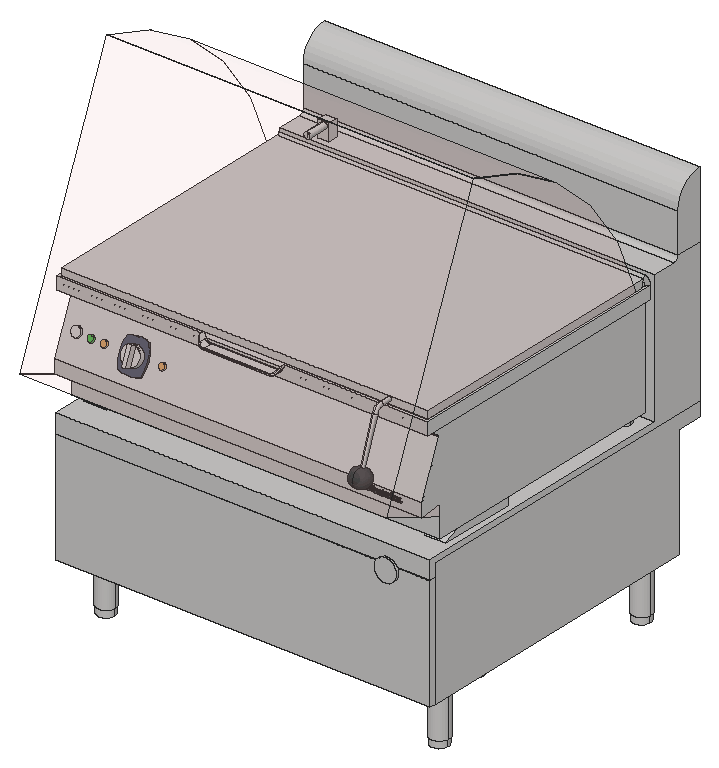
Revit family "QF_ELECTROLUXPROFESSIONAL_391428_E9PPCSBAMGD", category Specialty Equipment, Revit 2018 (continued)
Automatic sketch dimensions
  Extrusion 34 sketch curve to Extrusion 34 sketch curve = 0.618 mm
  plane 16 to Extrusion 34 sketch curve = 20.091 mm
  Extrusion 34 sketch curve to Extrusion 34 sketch curve = 1.672 mm
  plane 16 to Extrusion 34 sketch curve = 9.14 mm
  Extrusion 34 sketch curve to Extrusion 34 sketch curve = 1.361 mm
  Extrusion 34 sketch curve to Extrusion 34 sketch curve = 0.822 mm
  Extrusion 34 sketch curve to Extrusion 34 sketch curve = 0.069 mm
  Extrusion 34 sketch curve to Extrusion 34 sketch curve = 1.88 mm
  plane 16 to Extrusion 34 sketch curve = 27.307 mm
  Extrusion 34 sketch curve to Extrusion 34 sketch curve = 0.42 mm
  Extrusion 34 sketch curve to Extrusion 34 sketch curve = 0.062 mm
  Extrusion 34 sketch curve to Extrusion 34 sketch curve = 1.355 mm
  Extrusion 34 sketch curve to Extrusion 34 sketch curve = 2.34 mm
  Extrusion 34 sketch curve to Extrusion 34 sketch curve = 0.493 mm
  Extrusion 34 sketch curve to Extrusion 34 sketch curve = 0.136 mm
  Extrusion 34 sketch curve to Extrusion 34 sketch curve = 0.128 mm
  Extrusion 34 sketch curve to Extrusion 34 sketch curve = 3.616 mm
  Extrusion 34 sketch curve to Extrusion 34 sketch curve = 4.207 mm
  Extrusion 34 sketch curve to Extrusion 34 sketch curve = 0.183 mm
  Extrusion 34 sketch curve to Extrusion 34 sketch curve = 0.895 mm
  Extrusion 34 sketch curve to Extrusion 34 sketch curve = 1.314 mm
  Extrusion 34 sketch curve to Extrusion 34 sketch curve = 3.231 mm
  Extrusion 34 sketch curve to Extrusion 34 sketch curve = 1.299 mm
  Extrusion 34 sketch curve to Extrusion 34 sketch curve = 1.214 mm
  plane 16 to Extrusion 34 sketch curve = 36.208 mm
  Extrusion 34 sketch curve to Extrusion 34 sketch curve = 1.264 mm
  Extrusion 34 sketch curve to Extrusion 34 sketch curve = 0.109 mm
  Extrusion 34 sketch curve to Extrusion 34 sketch curve = 0.357 mm
  Extrusion 34 sketch curve to Extrusion 34 sketch curve = 0.565 mm
  Extrusion 34 sketch curve to Extrusion 34 sketch curve = 2.504 mm
  Extrusion 34 sketch curve to Extrusion 34 sketch curve = 2.459 mm
  Extrusion 34 sketch curve to Extrusion 34 sketch curve = 0.983 mm
  Extrusion 34 sketch curve to Extrusion 34 sketch curve = 0.422 mm  (x2)
  Extrusion 34 sketch curve to Extrusion 34 sketch curve = 1.268 mm
  Extrusion 34 sketch curve to Extrusion 34 sketch curve = 0.671 mm
  Extrusion 34 sketch curve to Extrusion 34 sketch curve = 1.634 mm
  Extrusion 34 sketch curve to Extrusion 34 sketch curve = 0.132 mm
  Extrusion 34 sketch curve to Extrusion 34 sketch curve = 0.586 mm
  Extrusion 34 sketch curve to Extrusion 34 sketch curve = 1.241 mm
  Extrusion 34 sketch curve to Extrusion 34 sketch curve = 1.689 mm
  Extrusion 34 sketch curve to Extrusion 34 sketch curve = 0.627 mm
  Extrusion 34 sketch curve to Extrusion 34 sketch curve = 0.419 mm
  Extrusion 34 sketch curve to Extrusion 34 sketch curve = 1.514 mm
  Extrusion 34 sketch curve to Extrusion 34 sketch curve = 1.019 mm
  Extrusion 34 sketch curve to Extrusion 34 sketch curve = 0.065 mm
  Extrusion 34 sketch curve to Extrusion 34 sketch curve = 1.215 mm
  Extrusion 34 sketch curve to Extrusion 34 sketch curve = 1.122 mm
  Extrusion 34 sketch curve to Extrusion 34 sketch curve = 1.153 mm
  Extrusion 34 sketch curve to Extrusion 34 sketch curve = 1.223 mm
  Extrusion 34 sketch curve to Extrusion 34 sketch curve = 0.934 mm
  Extrusion 34 sketch curve to Extrusion 34 sketch curve = 3.376 mm
  Extrusion 34 sketch curve to Extrusion 34 sketch curve = 0.222 mm
  Extrusion 34 sketch curve to Extrusion 34 sketch curve = 1.383 mm
  Extrusion 34 sketch curve to Extrusion 34 sketch curve = 1.556 mm
  Extrusion 34 sketch curve to Extrusion 34 sketch curve = 2.559 mm
  Extrusion 34 sketch curve to Extrusion 34 sketch curve = 2.51 mm
  Extrusion 34 sketch curve to Extrusion 34 sketch curve = 0.131 mm
  Extrusion 34 sketch curve to Extrusion 34 sketch curve = 1.134 mm
  Extrusion 34 sketch curve to Extrusion 34 sketch curve = 0.366 mm
  Extrusion 34 sketch curve to Extrusion 34 sketch curve = 0.094 mm
  Extrusion 34 sketch curve to Extrusion 34 sketch curve = 1.584 mm
  Extrusion 34 sketch curve to Extrusion 34 sketch curve = 1.501 mm
  Extrusion 34 sketch curve to Extrusion 34 sketch curve = 0.27 mm
  Extrusion 34 sketch curve to Extrusion 34 sketch curve = 1.808 mm
  Extrusion 34 sketch curve to Extrusion 34 sketch curve = 0.643 mm
  Extrusion 34 sketch curve to Extrusion 34 sketch curve = 0.916 mm
  Extrusion 34 sketch curve to Extrusion 34 sketch curve = 0.352 mm
  Extrusion 34 sketch curve to Extrusion 34 sketch curve = 0.458 mm
  Extrusion 34 sketch curve to Extrusion 34 sketch curve = 1.282 mm
  Extrusion 34 sketch curve to Extrusion 34 sketch curve = 1.363 mm
  Extrusion 34 sketch curve to Extrusion 34 sketch curve = 0.685 mm
  Extrusion 34 sketch curve to Extrusion 34 sketch curve = 0.905 mm
  Extrusion 34 sketch curve to Extrusion 34 sketch curve = 2.865 mm
  Extrusion 34 sketch curve to Extrusion 34 sketch curve = 0.472 mm
  Extrusion 34 sketch curve to Extrusion 34 sketch curve = 0.101 mm
  Extrusion 34 sketch curve to Extrusion 34 sketch curve = 0.54 mm
  Extrusion 34 sketch curve to Extrusion 34 sketch curve = 0.02 mm
  Extrusion 34 sketch curve to Extrusion 34 sketch curve = 0.468 mm
  Extrusion 34 sketch curve to Extrusion 34 sketch curve = 0.829 mm
  Extrusion 34 sketch curve to Extrusion 34 sketch curve = 0.582 mm
  Extrusion 34 sketch curve to Extrusion 34 sketch curve = 0.166 mm
  Extrusion 34 sketch curve to Extrusion 34 sketch curve = 0.16 mm
  Extrusion 34 sketch curve to Extrusion 34 sketch curve = 2.781 mm
  Extrusion 34 sketch curve to Extrusion 34 sketch curve = 1.118 mm
  Extrusion 34 sketch curve to Extrusion 34 sketch curve = 0.613 mm
  Extrusion 34 sketch curve to Extrusion 34 sketch curve = 0.781 mm
  Extrusion 34 sketch curve to Extrusion 34 sketch curve = 0.361 mm
  Extrusion 34 sketch curve to Extrusion 34 sketch curve = 0.897 mm
  Extrusion 34 sketch curve to Extrusion 34 sketch curve = 0.167 mm
  Extrusion 34 sketch curve to Extrusion 34 sketch curve = 0.292 mm
  Extrusion 34 sketch curve to Extrusion 34 sketch curve = 0.305 mm
  Extrusion 34 sketch curve to Extrusion 34 sketch curve = 1.557 mm
  Extrusion 34 sketch curve to Extrusion 34 sketch curve = 2.499 mm
  Extrusion 34 sketch curve to Extrusion 34 sketch curve = 3.062 mm
  Extrusion 34 sketch curve to Extrusion 34 sketch curve = 2.968 mm
  Extrusion 34 sketch curve to Extrusion 34 sketch curve = 5.044 mm
  Extrusion 34 sketch curve to Extrusion 34 sketch curve = 0.629 mm  (x2)
  Extrusion 34 sketch curve to Extrusion 34 sketch curve = 1.131 mm
  Extrusion 34 sketch curve to Extrusion 34 sketch curve = 0.137 mm
  Extrusion 34 sketch curve to Extrusion 34 sketch curve = 0.027 mm
  Extrusion 34 sketch curve to Extrusion 34 sketch curve = 2.046 mm
  Extrusion 34 sketch curve to Extrusion 34 sketch curve = 2.235 mm
  Extrusion 35 sketch curve to Extrusion 35 sketch curve = 7.323 mm
  Extrusion 35 sketch curve to Extrusion 35 sketch curve = 14.203 mm
  Extrusion 35 sketch curve to Extrusion 35 sketch curve = 14.214 mm
  Extrusion 35 sketch curve to plane 20 = 19.693 mm
  Extrusion 35 sketch curve to plane 20 = 19.699 mm
  Extrusion 35 sketch curve to Extrusion 35 sketch curve = 4.465 mm
  Extrusion 35 sketch curve to Extrusion 35 sketch curve = 4.485 mm
  Extrusion 35 sketch curve to Extrusion 35 sketch curve = 12.672 mm
  Extrusion 35 sketch curve to Extrusion 35 sketch curve = 21.263 mm
  plane 7 "Center Y" to curve 49 = 119.371 mm
  curve 49 to curve 14 = 14.828 mm
  plane 7 "Center Y" to Extrusion 35 sketch curve = 110.002 mm
  Extrusion 35 sketch curve to plane 7 "Center Y" = 88.472 mm
  Extrusion 35 sketch curve to Extrusion 35 sketch curve = 7.316 mm
  Extrusion 25 sketch curve to Extrusion 25 sketch curve = 0 mm  (x4)
  Extrusion 25 sketch curve to plane 20 = 26.099 mm
  Extrusion 25 sketch curve to plane 7 "Center Y" = 110.002 mm
  Extrusion 25 sketch curve to Extrusion 25 sketch curve = 4.545 mm
  Extrusion 25 sketch curve to plane 20 = 32.371 mm
  Extrusion 25 sketch curve to Extrusion 25 sketch curve = 2.771 mm  (x2)
  Extrusion 25 sketch curve to Extrusion 25 sketch curve = 14.214 mm
  plane 7 "Center Y" to Extrusion 25 sketch curve = 88.476 mm
  Extrusion 25 sketch curve to Extrusion 25 sketch curve = 14.203 mm
  Extrusion 25 sketch curve to plane 20 = 33.978 mm
  Extrusion 25 sketch curve to Extrusion 25 sketch curve = 4.548 mm
  Extrusion 25 sketch curve to Extrusion 25 sketch curve = 8.206 mm
  Extrusion 25 sketch curve to Extrusion 25 sketch curve = 7.878 mm
  Extrusion 25 sketch curve to Extrusion 25 sketch curve = 6.4 mm  (x2)
  Extrusion 25 sketch curve to Extrusion 25 sketch curve = 3.2 mm
  plane 15 to Sweep 5 sketch curve = 0 mm
  Sweep 5 sketch curve to plane 4 "RIGHT" = 5 mm
  Sweep 5 sketch curve to plane 5 "FRONT" = 15.818 mm  (x2)
  plane 7 "Center Y" to Sweep 5 sketch curve = 110.002 mm
  Sweep 5 sketch curve to plane 7 "Center Y" = 110.002 mm
  plane 3 "LEFT" to Sweep 5 sketch curve = 5 mm
  curve 41 to curve 40 = 0 mm
  plane 5 "FRONT" to curve 34 = 0 mm
  plane 5 "FRONT" to curve 35 = 0 mm
  curve 30 to plane 3 "LEFT" = 0 mm
  plane 3 "LEFT" to curve 35 = 10 mm
  curve 44 to plane 14 = 1.83 mm
  plane 24 to curve 30 = 9.875 mm
  curve 31 to plane 24 = 6.375 mm
  curve 47 to plane 24 = 28.857 mm
  curve 43 to curve 47 = 0 mm  (x2)
  curve 44 to curve 43 = 13.072 mm
  curve 46 to curve 44 = 18.827 mm
  curve 46 to curve 46 = 1.823 mm
  curve 46 to curve 46 = 5.076 mm
  curve 42 to curve 46 = 4.861 mm
  curve 45 to curve 42 = 1.683 mm  (x2)
  curve 47 to curve 42 = 2.354 mm
  curve 45 to plane 25 = 2.131 mm
  curve 45 to plane 25 = 7.917 mm
  curve 42 to curve 45 = 0 mm
  curve 43 to plane 25 = 8.298 mm
  curve 47 to curve 43 = 0 mm
  curve 42 to plane 5 "FRONT" = 2.513 mm
  curve 42 to curve 45 = 5.786 mm
  curve 43 to plane 5 "FRONT" = 7.915 mm
  curve 43 to curve 42 = 17.109 mm
  curve 42 to curve 43 = 0.822 mm
  curve 43 to curve 45 = 5.624 mm
  curve 44 to curve 43 = 4.962 mm
  plane 23 to curve 46 = 7.4 mm
  curve 56 to plane 5 "FRONT" = 15.818 mm
  curve 56 to plane 23 = 115.622 mm
  curve 57 to curve 56 = 11.953 mm
  curve 56 to plane 5 "FRONT" = 0.969 mm
  curve 56 to curve 57 = 1.966 mm
  curve 57 to curve 56 = 0.006 mm
  plane 5 "FRONT" to curve 55 = 4.277 mm
  curve 55 to curve 57 = 9.976 mm
  curve 57 to plane 5 "FRONT" = 5.613 mm
  curve 57 to curve 55 = 8.911 mm
  curve 54 to plane 5 "FRONT" = 5.606 mm
  plane 7 "Center Y" to curve 54 = 86.566 mm
  curve 54 to curve 54 = 8.908 mm
  curve 54 to plane 5 "FRONT" = 0.967 mm
  curve 54 to curve 55 = 9.968 mm
  curve 53 to plane 5 "FRONT" = 0.965 mm
  curve 53 to curve 54 = 0.006 mm
  curve 53 to plane 5 "FRONT" = 15.818 mm
  curve 53 to curve 54 = 11.958 mm
  curve 31 to plane 12 = 25 mm
  curve 31 to plane 16 = 55 mm
  curve 52 to curve 52 = 10 mm
  plane 19 to curve 34 = 4 mm
  curve 30 to curve 31 = 0 mm
  curve 47 to curve 42 = 21.513 mm
  curve 44 to plane 5 "FRONT" = 22.98 mm
  curve 46 to curve 42 = 10.739 mm
  curve 35 to plane 5 "FRONT" = 15.818 mm
  curve 34 to plane 5 "FRONT" = 15.818 mm
  curve 45 to curve 42 = 3.577 mm
  curve 46 to curve 46 = 7.163 mm
  plane 16 to curve 52 = 55 mm
  curve 52 to curve 52 = 4.957 mm
  plane 5 "FRONT" to curve 52 = 46.394 mm
  curve 52 to curve 52 = 0.016 mm
  Extrusion 36 sketch curve to Extrusion 3 = 0 mm  (x2)
  Extrusion 36 sketch curve to Extrusion 36 sketch curve = 71.628 mm
  Extrusion 3 to Extrusion 36 sketch curve = 107.125 mm
  Extrusion 36 sketch curve to Extrusion 36 sketch curve = 0 mm
  Extrusion 37 sketch curve to Extrusion 4 = 0 mm
  Extrusion 4 to Extrusion 37 sketch curve = 0 mm
  Extrusion 37 sketch curve to Extrusion 4 = 120.447 mm
  Extrusion 37 sketch curve to Extrusion 4 = 113.617 mm
  Extrusion 37 sketch curve to Extrusion 4 = 3.079 mm
  Extrusion 4 to Extrusion 37 sketch curve = 115.039 mm
  Extrusion 37 sketch curve to Extrusion 4 = 83.844 mm
  radius of Extrusion 8 sketch curve = 15 mm  (x2)
  radius of Extrusion 14 sketch curve = 12.7 mm
  radius of Extrusion 15 sketch curve = 30 mm
  radius of Extrusion 16 sketch curve = 6.35 mm
  radius of Extrusion 17 sketch curve = 6.35 mm
  radius of Extrusion 18 sketch curve = 6.35 mm
  radius of Extrusion 19 sketch curve = 8 mm
  radius of Extrusion 20 sketch curve = 8 mm
  radius of Extrusion 21 sketch curve = 25.4 mm
  radius of Extrusion 22 sketch curve to Extrusion 21 = 0 mm  (x2)
  radius of Extrusion 23 sketch curve = 12.7 mm
  radius of Extrusion 24 sketch curve = 8 mm
  radius of Sweep 28 sketch curve = 5 mm
  radius of Sweep 31 sketch curve = 5 mm
Connectors
  piping at (105, -706, 182), diameter 12.8
    settings: on Extrusion 16, index 1, connector inside diameter 0.50394", connector length 0 mm, flow factor 0, pipe flow 0 GPM, pressure drop 0.00 psi, fitting loss kfactor 0, connector angle 0.00°, fixture units 0, engagement length 0 mm, angle of deflection 0.00°, flow configuration 1, flow direction 1, fitting loss method 0, system type 7, joint type 0, gender type 0, connector reference index -1, connector utility 0, adjustable connector no, is connector primary yes, connector description "GAS CONNECTION"
  piping at (195, -698, 182), diameter 12.8
    settings: on Extrusion 17, index 2, connector inside diameter 0.74803", connector length 0 mm, flow factor 0, pipe flow 0 GPM, pressure drop 0.00 psi, fitting loss kfactor 0, connector angle 0.00°, fixture units 0, engagement length 0 mm, angle of deflection 0.00°, flow configuration 1, flow direction 1, fitting loss method 0, system type 20, joint type 0, gender type 0, connector reference index -1, connector utility 0, adjustable connector no, is connector primary no, connector description "COLD WATER INLET"
  electrical at (265, -706, 182)
    settings: on Extrusion 18, index 3, voltage 230 V, apparent load 250 VA, apparent load phase1 0 VA, apparent load phase2 0 VA, apparent load phase3 0 VA, power factor 1, load classification "Other", number of poles 1, system type 30, power factor state 1, is connector primary yes, connector utility no, sub classification motor no, connector description "ELECTRICAL CONNECTION"
Types (2, lengths in mm): name | URL | Phase | Model | Manufacturer | Gas Size | Description | Cold Water Size
  (no name) | "www.electrolux.com" | 0 | "391141" | "ELECTROLUX" | 0" | "900XP GAS BRATT PAN – 100 LITER WITH DUOMAT BOTTOM AND AUTOMATIC TILTING" | 0"
  Standard | "http://professional.electrolux.com" | 1 | "E9PPCSBAMGD" | "Electrolux Professional" | 1/2" | "100LT GAS BRATT PAN DUOMAT BOTTOM AUT (AUS)" | 3/4"
